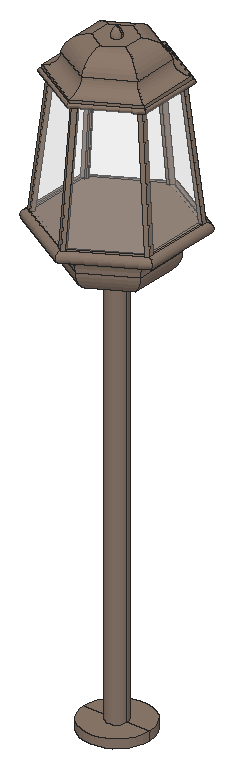
Revit family "ALN440 Pendant Mount", category Lighting Fixtures, host Face, Revit 2021
Family settings
  Host = Face
  Round Connector Dimension = Use Diameter
  Part Type = Normal
  OmniClass Number = 23.80.70.14
  OmniClass Title = Luminaries for External Lighting
  Cut with Voids When Loaded = No
  Light Source = No
  Shared = No
  Room Calculation Point = No
Parameters (values of type "Weathered Bronze")
  Wattage Comments = "50-150W"  # constant formula
  Watt [instance] = 50 W
  Voltage [instance] = 120 V
  URL = "https://www.currentlighting.com/aal"
  Product Page URL = ""
  Product Documentation Link = ""
  Photometric web [instance] = Web ALN440 : ALN440-Y2-32LED-3K-700
  Pentant Height [instance] = 48.000"
  Model = "ALN440D"  # constant formula
  Manufacturer = "Architectural Area Lighting"  # constant formula
  Load Classification = Lighting
  Light Bulb Material = Glass
  Lamp = "ED-17 & T-6 ceramic MH"  # constant formula
  Finish = Aluminum-Metalic Bronze
  Description = "The Towne Commons family of fixtures are available in a wide range of sizes and configurations"  # constant formula
  Default Elevation = 48.000"
  Apparent Load = 50 VA
Types (14): name | Photometric web | Finish
  (no name) | Web ALN440 : ALN440-Y2-32LED-3K-700 | Aluminum-Metalic Bronze
  Antique Green | Web ALN440 : ALN 440-H3-70MH | Aluminum-Antique Green
  Artic White | Web ALN440 : ALN440-Y3-32LED-3K-SBL-700 | Aluminum-Artic White
  Black | Web ALN440 : ALN440-Y2-32LED-3K-700 | Aluminum-Black
  Matte Black | Web ALN440 : ALN440-Y2-32LED-3K-700 | Aluminum-Matte Black
  Dark Green | Web ALN440 : ALN440-Y2-32LED-3K-700 | Aluminum-Dark Green
  Dark Bronze | Web ALN440 : ALN440-Y2-32LED-3K-700 | Aluminum-Dark Bronze
  Weathered Bronze | Web ALN440 : ALN440-Y2-32LED-3K-700 | Aluminum-Metalic Bronze
  Metalic Bronze | Web ALN440 : ALN440-Y2-32LED-3K-700 | Aluminum-Metalic Bronze
  Verde Blue | Web ALN440 : ALN440-Y2-32LED-3K-700 | Aluminum-Verde Blue
  Corten | Web ALN440 : ALN440-Y2-32LED-3K-700 | Aluminum-Corten
  Matte Aluminum | Web ALN440 : ALN440-Y2-32LED-3K-700 | Matte Aluminum
  Medium Grey | Web ALN440 : ALN440-Y2-32LED-3K-700 | Aluminum-Medium Grey
  Light Grey | Web ALN440 : ALN440-Y2-32LED-3K-700 | Aluminum-Light Grey
Reference planes
  plane 1 "Center (Front/Back)": y = 1.016
  plane 2: z = 0
  plane 3 "Center (Left/Right)": x = 0.165
  plane 4: z = 1219.2
  plane 5: z = 165.1
  plane 6: z = 1854.2
  plane 7: z = 1879.6
  plane 8: z = 1422.4
Forms (mm)
  Revolve 1, solid, material "Aluminum-Metalic Bronze" <- "Finish"
    sketch origin (0, 1.016, 0) x (1, 0, 0) y (0, 0, 1)
      loop
        line (0.165, 0) -> (98.411, 0) -> (98.411, 25.4) -> (30.327, 25.4) -> (30.327, 1219.2) -> (0.165, 1219.2) -> (0.165, 0)
      axis (0.165, 0) -> (0.165, 1219.2)
    angle from 0 to 360
  Revolve 2, solid, material "Aluminum-Metalic Bronze" <- "Finish"
    sketch origin (0, 1.016, 0) x (1, 0, 0) y (0, 0, 1)
      loop
        line (0.165, 1879.6) -> (0.165, 1854.2) -> (14.83, 1854.2)
        arc (14.83, 1854.2) -> (10.881, 1868.854) -> (0.165, 1879.6) r 29.469
      axis (0.165, 1879.6) -> (0.165, 1854.2)
    angle from 0 to 360
Dimensions and locks
  host sketch curve to plane 1 "Center (Front/Back)" to host sketch curve = 48.03999", 47.96001"
  host sketch curve to plane 3 "Center (Left/Right)" to host sketch curve = 48.00649", 47.99351"
  "Pentant Height": plane 4 to host face
  locked: plane 5 to plane 2 at 165.1
  locked: plane 7 to plane 6 at 25.4
  locked: plane 6 to plane 4 at 635
  locked: Revolve 1 sketch curve to plane 3 "Center (Left/Right)" at 30.163
  plane 8 to plane 4 = 8.000"
  locked: Revolve 1 sketch curve to plane 2 at 25.4
  aligned and locked: plane 2 to host face
  aligned and locked: level to host face
  aligned and locked: plane 3 "Center (Left/Right)" to Revolve 1 sketch curve  (x2)
  aligned and locked: Revolve 1 sketch curve to plane 4
  aligned and locked: Revolve 2 sketch curve to plane 3 "Center (Left/Right)"
  aligned and locked: plane 6 to Revolve 2 sketch curve
  aligned and locked: Revolve 2 sketch curve to Revolve 2 sketch curve
  aligned and locked: plane 7 to Revolve 2 sketch curve
  aligned and locked: Revolve 1 sketch curve to plane 2
  aligned and locked: nested 1 to plane 3 "Center (Left/Right)"
  aligned and locked: nested 1 to plane 1 "Center (Front/Back)"
  aligned and locked: plane 3 "Center (Left/Right)" to nested 2
  aligned and locked: nested 2 to plane 1 "Center (Front/Back)"
Automatic sketch dimensions
  Revolve 2 sketch curve to plane 6 = 0.00318"
  Revolve 2 sketch curve to plane 3 "Center (Left/Right)" = 0.58286"
  Revolve 2 sketch curve to plane 4 = 10.28118"
  Revolve 2 sketch curve to Revolve 2 sketch curve = 11.71882"
  Revolve 1 sketch curve to Revolve 1 sketch curve = 2.68044"
  Revolve 1 sketch curve to level = 8.000"
  Revolve 1 sketch curve to Revolve 1 sketch curve = 14.000"
Nested families
  nested 1: "ALN 440 Retrofit" at (-0.851, -41.388, 1854.2) x (0, 1, 0) z (0, 0, -1), Glass <- "Light Bulb Material", Backbox <- "Finish", type "ALN 440"
    with Glass Glass, Backbox Aluminum-Metalic Bronze
  nested 2: "Web ALN440" at (6.234, 0, 1422.4), type <- "Photometric web", type "ALN440-Y2-32LED-3K-700"
Connectors
  electrical at (0.165, 1.016, 0), driven by "Voltage", driven by "Apparent Load", driven by "Load Classification"
    settings: on Revolve 1, index 1, voltage 120 V, apparent load 50 VA, apparent load phase1 0 VA, apparent load phase2 0 VA, apparent load phase3 0 VA, power factor 1, load classification "Lighting", number of poles 1, system type 30, power factor state 1, is connector primary yes, connector utility no, sub classification motor no, connector description "Electrical Connector"
Definition of nested family "ALN 440 Retrofit"
  Parameters
    Wattage Comments = ""
    Voltage = 120 V
    URL = ""
    Product Page URL = ""
    Product Documentation Link = ""
    Nominal Watts = 136 W
    Model = ""
    Manufacturer Phone = ""
    Manufacturer Fax = ""
    Manufacturer = ""
    Lamp = "LED Lamp"
    Glass [instance] = none
    Description = ""
    Default Elevation = 48.000"
    Backbox [instance] = none
    Apparent Load = 0 VA
  Reference planes
    plane 1 "Center (Front/Back)": y = 1.016
    plane 2: z = 0
    plane 3 "Center (Left/Right)": x = 42.404
    plane 4: x = 271.004
    plane 5: x = -186.196
    plane 6: z = 635
    plane 7: y = 229.616
    plane 8: y = -227.584
    plane 9: through (42.404, 1.016, 1219.2) normal (-0.5, 0.866, 0)
    plane 10: z = 482.6
    plane 11: z = 114.3
    plane 12: z = 114.3
    plane 13: z = 482.6
  Forms (mm)
    Extrusion 1, solid
      sketch origin (0, -202.184, 1.615) x (1, 0, 0) y (0, 1, 0)
        loop
          line (-795.796, 1422.4) -> (-795.796, -1016) -> (896.552, -1016) -> (896.552, 1422.4) -> (-795.796, 1422.4)
      from -1.615 to -52.415
    Sweep 2, solid, material <- "Backbox"
      path origin (0, 0, 0) x (1, 0, 0) y (0, 1, 0)
        loop
          line (271.004, 1.016) -> (156.704, 198.989) -> (-71.896, 198.989) -> (-186.196, 1.016) -> (-71.896, -196.958) -> (156.704, -196.958) -> (271.004, 1.016)
      profile origin (42.404, -196.958, 0) x (0, 1, 0) y (0, 0, 1)
        loop
          line (15.137, 482.6) -> (197.973, 482.6) -> (197.973, 635) -> (132.841, 635)
          arc (132.841, 635) -> (84.568, 615.005) -> (64.573, 566.731) r 68.269
          arc (64.573, 566.731) -> (55.61, 537.509) -> (31.806, 518.337) r 52.121
          line (31.806, 518.337) -> (31.806, 513.298) -> (15.137, 513.298)
          arc (15.137, 513.298) -> (-0.212, 497.949) -> (15.137, 482.6) r 15.349
        loop
          line (197.973, 0) -> (197.973, 114.3) -> (43.525, 114.3)
          arc (43.525, 114.3) -> (37.175, 107.95) -> (43.525, 101.6) r 6.35
          line (43.525, 101.6) -> (43.525, 93.473)
          arc (43.525, 93.473) -> (72.1, 81.637) -> (83.936, 53.062) r 40.411
          arc (83.936, 53.062) -> (105.898, 15.023) -> (147.173, 0) r 64.213
          line (147.173, 0) -> (197.973, 0)
    Sweep 3, solid, material <- "Backbox"
      path origin (0, 0, 0) x (1, 0, 0) y (0, 1, 0)
        loop
          line (271.004, 1.016) -> (156.704, 198.989) -> (-71.896, 198.989) -> (-186.196, 1.016) -> (-71.896, -196.958) -> (156.704, -196.958) -> (271.004, 1.016)
      profile origin (42.404, 198.989, 0) x (0, -1, 0) y (0, 0, 1)
        loop
          line (15.137, 482.6) -> (53.847, 114.3) -> (66.617, 114.3) -> (27.907, 482.6) -> (15.137, 482.6)
    Extrusion 4, void
      sketch origin (0, 1.016, 0) x (1, 0, 0) y (0, 0, 1)
        loop
          line (-50.433, 482.6) -> (-28.084, 114.3) -> (112.892, 114.3) -> (135.241, 482.6) -> (-50.433, 482.6)
      from -228.6 to 228.6
    Extrusion 5, void
      sketch origin (21.202, 37.739, 0) x (0.5, -0.866025, 0) y (0, 0, 1)
        loop
          line (-50.433, 482.6) -> (-28.084, 114.3) -> (112.892, 114.3) -> (135.241, 482.6) -> (-50.433, 482.6)
      from -228.6 to 228.6
    Extrusion 6, void
      sketch origin (21.202, -35.707, 0) x (0.5, 0.866025, 0) y (0, 0, 1)
        loop
          line (-50.433, 482.6) -> (-28.084, 114.3) -> (112.892, 114.3) -> (135.241, 482.6) -> (-50.433, 482.6)
      from -228.6 to 228.6
    Sweep 7, solid, material <- "Glass"
      path origin (0, 0, 0) x (1, 0, 0) y (0, 1, 0)
        loop
          line (271.004, 1.016) -> (156.704, 198.989) -> (-71.896, 198.989) -> (-186.196, 1.016) -> (-71.896, -196.958) -> (156.704, -196.958) -> (271.004, 1.016)
      profile origin (42.404, 198.989, 0) x (0, -1, 0) y (0, 0, 1)
        loop
          line (64.866, 114.3) -> (26.156, 482.6) -> (19.771, 482.6) -> (58.481, 114.3) -> (64.866, 114.3)
  Cuts and joins
    Extrusion 4, Extrusion 5, Extrusion 6 cuts Sweep 2
    Extrusion 4, Extrusion 5, Extrusion 6 cuts Sweep 3
  Dimensions and locks
    equal spacing: plane 4, plane 3 "Center (Left/Right)", plane 5
    locked: plane 6 to Extrusion 1 at 635
    equal spacing: plane 7, plane 1 "Center (Front/Back)", plane 8
    locked: plane 7 to plane 8 at 457.2
    locked: plane 4 to plane 5 at 457.2
    locked: plane 6 to plane 10 at 152.4
    locked: plane 11 to plane 2 at 114.3
    angle plane 1 "Center (Front/Back)" to plane 9 = 30.00°
    aligned and locked: plane 2 to Extrusion 1
    aligned and locked: level to Extrusion 1
    aligned and locked: Sweep 2 sketch curve to plane 1 "Center (Front/Back)"
    aligned and locked: plane 11 to plane 12
    aligned and locked: plane 10 to plane 13
    aligned and locked: Sweep 2 sketch curve to plane 12
    aligned and locked: Sweep 2 sketch curve to plane 2
    aligned and locked: plane 1 "Center (Front/Back)" to Sweep 2 sketch curve
    aligned and locked: plane 13 to Sweep 2 sketch curve
    aligned and locked: Sweep 2 sketch curve to plane 6
    aligned and locked: Sweep 3 sketch curve to plane 13
    aligned and locked: Sweep 3 sketch curve to plane 12
    aligned and locked: Sweep 3 to Extrusion 4 sketch curve
    aligned and locked: Extrusion 4 sketch curve to plane 10
    aligned and locked: plane 8 to Extrusion 4
    aligned and locked: Sweep 7 sketch curve to plane 13
    aligned and locked: plane 12 to Sweep 7 sketch curve
  Automatic sketch dimensions
    Extrusion 1 sketch curve to Extrusion 1 sketch curve = 66.62788"
    Extrusion 1 sketch curve to Extrusion 1 sketch curve = 96.000"
    plane 1 "Center (Front/Back)" to Sweep 2 sketch curve = 0.000"  (x2)
    Sweep 2 sketch curve to plane 5 = 0.000"
    Sweep 2 sketch curve to plane 4 = 0.000"
    Sweep 2 sketch curve to plane 7 = 1.20577"
    Sweep 2 sketch curve to plane 3 "Center (Left/Right)" = 4.500"  (x2)
    Sweep 2 sketch curve to plane 8 = 1.20577"
    plane 3 "Center (Left/Right)" to Sweep 2 sketch curve = 4.500"  (x2)
    Sweep 2 sketch curve to Sweep 2 sketch curve = 2.000"
    Sweep 2 sketch curve to Sweep 2 sketch curve = 2.56426"
    level to Sweep 2 sketch curve = 2.08906"
    Sweep 2 sketch curve to Sweep 2 sketch curve = 2.48964"
    Sweep 2 sketch curve to profile plane = 2.54223"
    Sweep 2 sketch curve to Sweep 2 sketch curve = 0.000"
    Sweep 2 sketch curve to profile plane = 1.71359"
    Sweep 2 sketch curve to profile plane = 1.25219"
    Sweep 2 sketch curve to profile plane = 0.59595"
    Sweep 2 sketch curve to profile plane = 0.4902"
    Sweep 2 sketch curve to Sweep 2 sketch curve = 0.31995"
    Sweep 2 sketch curve to Sweep 2 sketch curve = 0.6043"
    Sweep 3 sketch curve to profile plane = 0.59595"
    Sweep 3 sketch curve to Sweep 3 sketch curve = 0.50275"  (x2)
    Sweep 3 sketch curve to profile plane = 2.11996"
    Extrusion 4 sketch curve to plane 3 "Center (Left/Right)" = 3.65501"
    Extrusion 4 sketch curve to plane 3 "Center (Left/Right)" = 2.77512"
    plane 3 "Center (Left/Right)" to Extrusion 4 sketch curve = 2.77512"
    plane 3 "Center (Left/Right)" to Extrusion 4 sketch curve = 3.65501"
    Extrusion 5 sketch curve to plane 10 = 0.000"
    Extrusion 5 sketch curve to plane 11 = 0.000"
    plane 9 to Extrusion 5 sketch curve = 3.65501"
    plane 9 to Extrusion 5 sketch curve = 2.77512"
    Extrusion 5 sketch curve to plane 9 = 2.77512"
    Extrusion 5 sketch curve to plane 9 = 3.65501"
    Extrusion 6 sketch curve to plane 10 = 0.000"
    Extrusion 6 sketch curve to plane 11 = 0.000"
    Extrusion 6 sketch curve to Extrusion 6 sketch curve = 0.87989"
    Extrusion 6 sketch curve to Extrusion 6 sketch curve = 5.55024"
    Extrusion 6 sketch curve to Extrusion 6 sketch curve = 7.31001"
    Sweep 7 sketch curve to profile plane = 0.77839"
    Sweep 7 sketch curve to Sweep 7 sketch curve = 0.25138"  (x2)
    Sweep 7 sketch curve to profile plane = 2.3024"
Definition of nested family "Web ALN440"
  Parameters
    Wattage Comments = ""
    Wattage = 60 W
    built-in parameter 1150110 = 1 (stored number, unit not read)
    URL = ""
    built-in parameter 1114217 = 1 (stored number, unit not read)
    Tilt Angle = -90.00°
    built-in parameter 1150109 = 1 (stored number, unit not read)
    built-in parameter 1150134 = 2
    built-in parameter 1150113 = 1 (stored number, unit not read)
    Product Page URL = ""
    Product Documentation Link = ""
    Photometric Web File = "ALN440-Y5-32LED-5K-SBL-700.IES"
    Model = ""
    Manufacturer Phone = ""
    Manufacturer Fax = ""
    Manufacturer = ""
    built-in parameter 1150105 = 387.94 (stored number, unit not read)
    Lumens = 4875 lm
    built-in parameter 1150115 = 1 (stored number, unit not read)
    built-in parameter 1150137 = (empty or 0)
    built-in parameter 1150139 = (empty or 0)
    built-in parameter 1150112 = 1 (stored number, unit not read)
    built-in parameter 1150114 = 1 (stored number, unit not read)
    Lamp = ""
    built-in parameter 1150132 = 1
    built-in parameter 1150102 = (empty or 0)
    built-in parameter 1150107 = 5000 (stored number, unit not read)
    built-in parameter 1150138 = (empty or 0)
    built-in parameter 1150106 = 3.8794 (stored number, unit not read)
    Emit from Line Length = 2.000"
    built-in parameter 1150104 = 7.5484 (stored number, unit not read)
    Dimming Lamp Color Temperature Shift = (empty or 0)
    Description = ""
    Default Elevation = 48.000"
    Color Filter = 16777215
    built-in parameter 1114218 = 1 (stored number, unit not read)
    built-in parameter 1150133 = 10 (stored number, unit not read)
  Reference planes
    plane 1 "Center (Front/Back)": y = 1.016
    plane 2: z = 0
    plane 3 "Center (Left/Right)": x = -6.07
  Forms (mm)
    Extrusion 1, solid
      sketch origin (0, 0, 1.615) x (1, 0, 0) y (0, 1, 0)
        loop
          line (-1219.2, 1219.2) -> (-1219.2, -1219.2) -> (1219.2, -1219.2) -> (1219.2, 1219.2) -> (-1219.2, 1219.2)
      from -1.615 to -154.015
  Lines and regions (mm)
    reference lines
      curve 1: line (-6.07, 1.016, 460.108) -> (-6.07, 1.016, -581.292)
      curve 2: line (-6.07, 1.016, 863.6) -> (-6.07, 1.016, -581.292)
      curve 3: line (-6.07, 737.616, 0) -> (-6.07, -760.984, 0)
      curve 4: line (-945.87, 1.016, 0) -> (1035.33, 1.016, 0)
  Dimensions and locks
    aligned and locked: plane 2 to Extrusion 1
    aligned and locked: level to Extrusion 1
    aligned and locked: imposter light to plane 1 "Center (Front/Back)"
    aligned and locked: plane 1 "Center (Front/Back)" to curve 2
    aligned and locked: curve 3 to plane 3 "Center (Left/Right)"
    aligned and locked: plane 1 "Center (Front/Back)" to curve 4
    aligned and locked: imposter light to curve 2
